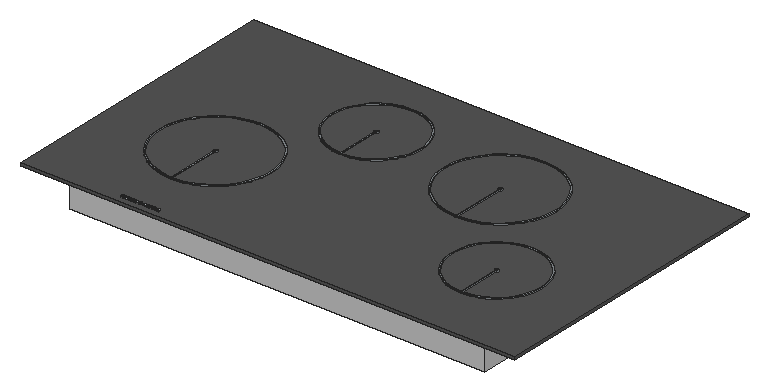
Revit family "FP_Revit_18_CI904CTB1_Cooktop_(Draft_Only)", category Specialty Equipment, Revit 2018
Family settings
  Round Connector Dimension = Use Diameter
  Part Type = Normal
  OmniClass Number = 23.40.40.14.17.11
  OmniClass Title = Cookers, Ovens, Stoves
  Work Plane-Based = No
  Always vertical = Yes
  Cut with Voids When Loaded = Yes
  Shared = No
  Room Calculation Point = No
Parameters
  Visibility - Clearance Required = yes
  URL = "www.fisherpaykel.com"
  Product - Width = 900 mm  # constant formula
  Product - Height = 61 mm  # constant formula
  Product - Depth = 530 mm  # constant formula
  Model = "CI904CTB1"
  Material - Graphics = Fisher & Paykel - Graphics Grey
  Material - Glass = Fisher & Paykel - Glass, Black
  Material - Body = Fisher & Paykel - Grey
  Manufacturer = "Fisher & Paykel Appliances"
  FFL Offset [instance] = 900 mm
  Description = "90cm Induction Cooktop"
  Connector Note - Electrical = "220-240 V, 32 A, 50 Hz,"
  Clearance - Side Combustible = 30 mm  # constant formula
  Clearance - Rear Combustible = 30 mm  # constant formula
  Clearance - Overhead Rangehood = 650 mm  # constant formula
  Clearance - Overhead Non-Combustible = 450 mm  # constant formula
  Clearance - Below = 72 mm  # constant formula
  Chassis - Width = 755 mm  # constant formula
  Chassis - Height = 56 mm  # constant formula
  Chassis - Depth = 485 mm  # constant formula
  Cavity - Width = 760 mm  # constant formula
  Cavity - Height = 72 mm  # constant formula
  Cavity - Depth = 490 mm  # constant formula
Reference planes
  plane 1 "Datum": y = 0
  plane 2: z = 0
  plane 3 "Center (Left/Right)": x = 0
  plane 4 "Product LHS": x = -450
  plane 5 "Product RHS": x = 450
  plane 6 "Product - Depth": y = 530
  plane 7 "Cavity LHS": x = -380
  plane 8 "Cavity RHS": x = 380
  plane 9 "Cavity - Depth": y = 510
  plane 10 "Chassis Front": y = 22.5
  plane 11 "Chassis - Depth": y = 507.5
  plane 12 "Cavity - Front": y = 20
  plane 13 "Benchtop": z = 900
  plane 14 "Glass": z = 905
Forms (mm)
  Extrusion 1, solid, material "Fisher & Paykel - Glass, Black" <- "Material - Glass"
    sketch origin (0, 0, 0) x (0, 1, 0) y (0, 0, 1)
      loop
        line (530, 905) -> (0, 905) -> (0, 901) -> (530, 901) -> (530, 905)
    from -450 to 450
  Extrusion 2, solid, material "Fisher & Paykel - Clearance Required (Cutout)", visible <- "Visibility - Clearance Required", detail levels coarse
    sketch origin (0, 24.768, 0) x (1, 0, 0) y (0, 1, 0)
      loop
        line (-380, 485.232) -> (-380, -4.768) -> (380, -4.768) -> (380, 485.232) -> (-380, 485.232)
    from 828 to 900
  Extrusion 3, solid, material "Fisher & Paykel - Clearance Required (Rangehood)", visible <- "Visibility - Clearance Required", detail levels coarse
    sketch origin (0, 0, 0) x (1, 0, 0) y (0, 1, 0)
      loop
        line (-450, 0) -> (450, 0) -> (450, 540) -> (-450, 540) -> (-450, 0)
    from 1350 to 1550
  Extrusion 4, solid, material "Fisher & Paykel - Grey" <- "Material - Body"
    sketch origin (0, 0, 0) x (0, 1, 0) y (0, 0, 1)
      loop
        line (507.5, 846.5) -> (507.5, 900) -> (22.5, 900) -> (22.5, 846.5) -> (507.5, 846.5)
    from -377.5 to 377.5
  Extrusion 5, solid, material "Fisher & Paykel - Grey" <- "Material - Body"
    sketch origin (-151, 0, 0) x (1, 0, 0) y (0, 1, 0)
      loop
        line (-289, 520.2) -> (-289, 10) -> (591, 10) -> (591, 520.2) -> (-289, 520.2)
    from 900 to 901
  Extrusion 6, solid, material "Fisher & Paykel - Graphics Grey" <- "Material - Graphics", detail levels fine
    sketch origin (0, 0, 0) x (1, 0, 0) y (0, 1, 0)
      loop
        circle (-111.47, 385.838) r 82.262
      loop
        circle (-111.47, 385.838) r 1.976
      loop
        line (-112.302, 382.675) -> (-112.302, 305.432)
        arc (-112.302, 305.432) -> (-111.47, 466.249) -> (-110.636, 305.432) r 80.411
        line (-110.636, 305.432) -> (-110.636, 382.675)
        arc (-110.636, 382.675) -> (-111.47, 389.109) -> (-112.302, 382.675) r 3.271
      loop
        circle (273.067, 179.237) r 82.262
      loop
        circle (273.067, 179.237) r 1.976
      loop
        line (272.235, 176.075) -> (272.235, 98.832)
        arc (272.235, 98.832) -> (273.066, 259.647) -> (273.901, 98.832) r 80.41
        line (273.901, 98.832) -> (273.901, 176.075)
        arc (273.901, 176.075) -> (273.066, 182.508) -> (272.235, 176.075) r 3.27
      loop
        circle (130.288, 365.932) r 1.826
      loop
        circle (130.288, 365.932) r 101.825
      loop
        line (129.558, 362.992) -> (129.558, 266.049)
        arc (129.558, 266.049) -> (130.294, 465.817) -> (131.05, 266.049) r 99.885
        line (131.05, 266.049) -> (131.05, 363.011)
        arc (131.05, 363.011) -> (130.229, 368.967) -> (129.558, 362.992) r 3.03
      loop
        circle (-255.334, 199.998) r 1.826
      loop
        circle (-255.334, 199.998) r 101.825
      loop
        line (-256.064, 197.059) -> (-256.064, 100.116)
        arc (-256.064, 100.116) -> (-255.329, 299.884) -> (-254.572, 100.116) r 99.885
        line (-254.572, 100.116) -> (-254.572, 197.078)
        arc (-254.572, 197.078) -> (-255.394, 203.033) -> (-256.064, 197.059) r 3.03
    from 905 to 906
  Extrusion 7, solid, material "Fisher & Paykel - Grey" <- "Material - Body", detail levels fine
    sketch origin (0, 0, 0) x (1, 0, 0) y (0, 1, 0)
      loop
        circle (0, 491.7) r 4
    from 831 to 844
  Extrusion 8, solid, material "Fisher & Paykel - Grey" <- "Material - Body", detail levels medium+fine
    sketch origin (0, 0, 0) x (0, 1, 0) y (0, 0, 1)
      loop
        line (410, 846.5) -> (410, 844) -> (501.4, 844) -> (501.4, 846.5) -> (410, 846.5)
    from -27 to 27
  Extrusion 9, solid, material "Fisher & Paykel - Clearance Required", visible <- "Visibility - Clearance Required", detail levels coarse
    sketch origin (0, 0, 0) x (1, 0, 0) y (0, 1, 0)
      loop
        line (-450, 0) -> (450, 0) -> (450, 540) -> (-450, 540) -> (-450, 0)
    from 900 to 1350
  Extrusion 10, void
    sketch origin (0, 24.768, 0) x (1, 0, 0) y (0, 1, 0)
      loop
        line (-380, 485.232) -> (-380, -4.768) -> (380, -4.768) -> (380, 485.232) -> (-380, 485.232)
    from 828 to 900
Text (mm)
  text "Due to ongoing product development, product details are subject to change without notice. \nPlease always refer to www.fisherpaykel.com for the most current product information. \n© Fisher & Paykel 2020" at (41.04, -502.478, 0), in view "Ref. Level (Plan)"
Dimensions and locks
  equal spacing: plane 4 "Product LHS", plane 3 "Center (Left/Right)", plane 5 "Product RHS"
  "Product - Width": plane 4 "Product LHS" to plane 5 "Product RHS"
  equal spacing: plane 7 "Cavity LHS", plane 3 "Center (Left/Right)", plane 8 "Cavity RHS"
  "Cavity - Width": plane 7 "Cavity LHS" to plane 8 "Cavity RHS"
  "Product - Depth": Extrusion 1 to plane 1 "Datum"
  equal spacing: Extrusion 4, plane 3 "Center (Left/Right)", Extrusion 4
  "Chassis - Width": Extrusion 4 to Extrusion 4
  equal spacing: Extrusion 5, plane 3 "Center (Left/Right)", Extrusion 5
  locked: plane 14 "Glass" to plane 13 "Benchtop" at 5
  "FFL Offset": plane 13 "Benchtop" to level
  "Clearance - Below": plane 13 "Benchtop" to Extrusion 2
  locked: Extrusion 6 to plane 14 "Glass" at 1
  locked: nested 1 to plane 14 "Glass" at 0.8
  "Clearance - Rear Combustible": Extrusion 3 to plane 9 "Cavity - Depth"
  locked: plane 10 "Chassis Front" to plane 1 "Datum" at 22.5
  locked: plane 10 "Chassis Front" to plane 12 "Cavity - Front" at 2.5
  "Cavity - Depth": plane 9 "Cavity - Depth" to plane 12 "Cavity - Front"
  equal spacing: Extrusion 8, plane 3 "Center (Left/Right)", Extrusion 8
  "Clearance - Overhead Rangehood": Extrusion 3 to plane 13 "Benchtop"
  "Chassis - Height": plane 13 "Benchtop" to Extrusion 8
  locked: Extrusion 4 to plane 13 "Benchtop" at 53.5
  locked: Extrusion 7 to plane 13 "Benchtop" at 69
  locked: Extrusion 1 to plane 13 "Benchtop" at 1
  plane 1 "Datum" to Extrusion 1 = 530 mm
  "Clearance - Overhead Non-Combustible": Extrusion 3 to plane 13 "Benchtop"
  aligned and locked: level to plane 2
  aligned and locked: Extrusion 1 to plane 5 "Product RHS"
  aligned and locked: plane 4 "Product LHS" to Extrusion 1
  aligned and locked: Extrusion 2 to plane 9 "Cavity - Depth"
  aligned and locked: plane 11 "Chassis - Depth" to Extrusion 4
  aligned and locked: Extrusion 4 to Extrusion 5
  aligned and locked: plane 13 "Benchtop" to Extrusion 4
  aligned and locked: Extrusion 2 to Extrusion 4
  aligned and locked: Extrusion 5 to Extrusion 1
  aligned and locked: Extrusion 7 to Extrusion 8
  aligned and locked: Extrusion 8 to Extrusion 4
  aligned and locked: Extrusion 6 to Extrusion 1
  aligned and locked: plane 14 "Glass" to Extrusion 1
  aligned and locked: Extrusion 9 to Extrusion 3  (x2)
  aligned and locked: Extrusion 9 to plane 13 "Benchtop"
  aligned and locked: Extrusion 10 to Extrusion 2  (x2)
  aligned and locked: Extrusion 3 to Extrusion 9  (x2)
  aligned and locked: plane 4 "Product LHS" to Extrusion 3
  aligned and locked: Extrusion 3 to plane 5 "Product RHS"
Automatic sketch dimensions
  Extrusion 1 sketch curve to plane 1 "Datum" = 0 mm
  Extrusion 1 sketch curve to plane 6 "Product - Depth" = 0 mm
  Extrusion 1 sketch curve to plane 14 "Glass" = 0 mm
  plane 13 "Benchtop" to Extrusion 1 sketch curve = 1 mm
  Extrusion 2 sketch curve to plane 12 "Cavity - Front" = 0 mm
  plane 9 "Cavity - Depth" to Extrusion 2 sketch curve = 0 mm
  plane 7 "Cavity LHS" to Extrusion 2 sketch curve = 0 mm
  Extrusion 2 sketch curve to plane 8 "Cavity RHS" = 0 mm
  Extrusion 4 sketch curve to plane 10 "Chassis Front" = 0 mm
  Extrusion 4 sketch curve to plane 11 "Chassis - Depth" = 0 mm
  Extrusion 4 sketch curve to plane 13 "Benchtop" = 0 mm
  Extrusion 4 sketch curve to plane 13 "Benchtop" = 53.5 mm
  Extrusion 6 sketch curve to Extrusion 6 sketch curve = 0 mm  (x19)
  Extrusion 6 sketch curve to plane 7 "Cavity LHS" = 123.936 mm
  Extrusion 6 sketch curve to Extrusion 6 sketch curve = 0.709 mm  (x2)
  Extrusion 6 sketch curve to Extrusion 6 sketch curve = 0.021 mm  (x2)
  Extrusion 6 sketch curve to Extrusion 6 sketch curve = 0.011 mm  (x2)
  Extrusion 6 sketch curve to Extrusion 6 sketch curve = 1.492 mm  (x2)
  Extrusion 6 sketch curve to plane 3 "Center (Left/Right)" = 111.47 mm
  Extrusion 6 sketch curve to Extrusion 6 sketch curve = 0.834 mm
  plane 3 "Center (Left/Right)" to Extrusion 6 sketch curve = 129.558 mm
  plane 8 "Cavity RHS" to Extrusion 6 sketch curve = 107.765 mm
  Extrusion 6 sketch curve to Extrusion 6 sketch curve = 0.832 mm
  Extrusion 6 sketch curve to Extrusion 6 sketch curve = 1.666 mm  (x2)
  plane 10 "Chassis Front" to Extrusion 6 sketch curve = 76.332 mm
  plane 10 "Chassis Front" to Extrusion 6 sketch curve = 77.616 mm
  Extrusion 6 sketch curve to Extrusion 6 sketch curve = 77.243 mm  (x2)
  Extrusion 6 sketch curve to Extrusion 6 sketch curve = 96.943 mm  (x2)
  Extrusion 6 sketch curve to Extrusion 6 sketch curve = 0.019 mm  (x2)
  Extrusion 6 sketch curve to Extrusion 6 sketch curve = 0.006 mm  (x2)
  Extrusion 6 sketch curve to Extrusion 6 sketch curve = 86.811 mm
  Extrusion 6 sketch curve to Extrusion 6 sketch curve = 105.434 mm
  Extrusion 6 sketch curve to Extrusion 6 sketch curve = 3.163 mm
  Extrusion 7 sketch curve to plane 3 "Center (Left/Right)" = 0 mm
  Extrusion 7 sketch curve to plane 11 "Chassis - Depth" = 15.8 mm
  Extrusion 8 sketch curve to plane 11 "Chassis - Depth" = 97.5 mm
  Extrusion 8 sketch curve to plane 11 "Chassis - Depth" = 6.1 mm
  Extrusion 8 sketch curve to plane 13 "Benchtop" = 56 mm
  Extrusion 8 sketch curve to Extrusion 8 sketch curve = 2.5 mm
  plane 1 "Datum" to Extrusion 9 sketch curve = 0 mm
  plane 4 "Product LHS" to Extrusion 9 sketch curve = 0 mm
  Extrusion 9 sketch curve to plane 5 "Product RHS" = 0 mm
  plane 6 "Product - Depth" to Extrusion 9 sketch curve = 10 mm
  Extrusion 10 sketch curve to plane 12 "Cavity - Front" = 0 mm
  plane 9 "Cavity - Depth" to Extrusion 10 sketch curve = 0 mm
  plane 7 "Cavity LHS" to Extrusion 10 sketch curve = 0 mm
  Extrusion 10 sketch curve to plane 8 "Cavity RHS" = 0 mm
  Extrusion 5 sketch curve to plane 4 "Product LHS" = 10 mm
  plane 5 "Product RHS" to Extrusion 5 sketch curve = 10 mm
  Extrusion 5 sketch curve to plane 1 "Datum" = 10 mm
  Extrusion 5 sketch curve to plane 6 "Product - Depth" = 9.8 mm
  plane 1 "Datum" to Extrusion 3 sketch curve = 0 mm
  plane 6 "Product - Depth" to Extrusion 3 sketch curve = 10 mm
  plane 4 "Product LHS" to Extrusion 3 sketch curve = 0 mm
  Extrusion 3 sketch curve to plane 8 "Cavity RHS" = 70 mm
  radius of Extrusion 6 sketch curve = 82.262 mm  (x2)
  radius of Extrusion 6 sketch curve = 1.976 mm  (x2)
  radius of Extrusion 6 sketch curve = 1.826 mm  (x2)
  radius of Extrusion 6 sketch curve = 101.825 mm  (x2)
  radius of Extrusion 7 sketch curve = 4 mm
Nested families
  nested 1: "F&P Logo 70mm Horizontal" at (-244.001, 14.253, 905), type "F&P Logo 70mm Horizontal"
Connectors
  electrical at (0, 491.7, 831), driven by "Connector Note - Electrical"
    settings: on Extrusion 7, index 1, voltage 230 V, apparent load 0 VA, apparent load phase1 0 VA, apparent load phase2 0 VA, apparent load phase3 0 VA, power factor 1, load classification "Other", number of poles 1, system type 30, power factor state 1, is connector primary yes, connector utility no, sub classification motor no, connector description "220-240 V, 32 A, 50 Hz,"
Definition of nested family "F&P Logo 70mm Horizontal"
  Parameters (values of type "F&P Logo 70mm Horizontal")
    URL = "www.fisherpaykel.com"
    Material - Logo = none
    Manufacturer = "Fisher & Paykel Appliances"
  Reference planes
    plane 1 "Center (Front/Back)": y = 0
    plane 2: z = 0
    plane 3 "Center (Left/Right)": x = 0
  Forms (mm)
    Extrusion 1, solid, material <- "Material - Logo", detail levels fine
      sketch origin (0, 0, 0) x (1, 0, 0) y (0, 1, 0)
        loop
          line (-34.997, -0.356) -> (-33.895, -0.356) -> (-33.895, 1.141) -> (-32.174, 1.141) -> (-32.174, 2.075) -> (-33.895, 2.075) -> (-33.895, 2.943) -> (-32.023, 2.943) -> (-32.023, 3.872) -> (-34.997, 3.872) -> (-34.997, -0.356)
        loop
          line (-29.929, 3.872) -> (-29.929, -0.356) -> (-28.828, -0.356) -> (-28.828, 3.872) -> (-29.929, 3.872)
        loop
          line (-21.473, 3.872) -> (-21.473, -0.356) -> (-20.372, -0.356) -> (-20.372, 1.338) -> (-18.754, 1.338) -> (-18.754, -0.356) -> (-17.652, -0.356) -> (-17.652, 3.872) -> (-18.754, 3.872) -> (-18.754, 2.268) -> (-20.372, 2.268) -> (-20.372, 3.872) -> (-21.473, 3.872)
        loop
          line (-15.301, 3.872) -> (-15.301, -0.356) -> (-12.288, -0.356) -> (-12.288, 0.444) -> (-14.209, 0.444) -> (-14.209, 1.338) -> (-12.453, 1.338) -> (-12.453, 2.268) -> (-14.209, 2.268) -> (-14.209, 3.072) -> (-12.288, 3.072) -> (-12.288, 3.872) -> (-15.301, 3.872)
        loop
          line (32, 3.872) -> (32, -0.356) -> (35.003, -0.356) -> (35.003, 0.574) -> (33.102, 0.574) -> (33.102, 3.872) -> (32, 3.872)
        loop
          line (29.735, 3.872) -> (26.712, 3.872) -> (26.712, -0.356) -> (29.735, -0.356) -> (29.735, 0.444) -> (27.814, 0.444) -> (27.814, 1.338) -> (29.57, 1.338) -> (29.57, 2.268) -> (27.814, 2.268) -> (27.814, 3.072) -> (29.735, 3.072) -> (29.735, 3.872)
        loop
          line (23.449, 1.848) -> (25.012, 3.872) -> (23.724, 3.872) -> (22.374, 2.124) -> (22.374, 3.872) -> (21.273, 3.872) -> (21.273, -0.356) -> (22.374, -0.356) -> (22.374, 1.538) -> (23.765, -0.356) -> (25.067, -0.356) -> (23.449, 1.848)
        loop
          line (15.42, 3.872) -> (17.017, 1.338) -> (17.017, -0.356) -> (18.119, -0.356) -> (18.119, 1.283) -> (19.717, 3.872) -> (18.546, 3.872) -> (17.603, 2.239) -> (16.66, 3.872) -> (15.42, 3.872)
        loop
          line (12.969, 3.872) -> (11.922, 3.872) -> (10.2, -0.356) -> (11.282, -0.356) -> (11.585, 0.422) -> (13.278, 0.422) -> (13.581, -0.356) -> (14.69, -0.356) -> (12.969, 3.872)
        loop
          line (12.913, 1.352) -> (12.419, 2.566) -> (11.946, 1.352) -> (12.913, 1.352)
        loop
          line (5.556, 3.872) -> (5.556, -0.356) -> (6.653, -0.356) -> (6.653, 1.001) -> (7.453, 1.001)
          spline (7.453, 1.001) -> (7.884, 1.05) -> (8.285, 1.193) -> (8.63, 1.421) -> (8.895, 1.719) -> (9.061, 2.065) -> (9.118, 2.436) -> (9.061, 2.808) -> (8.895, 3.154) -> (8.63, 3.452) -> (8.285, 3.68) -> (7.884, 3.823) -> (7.453, 3.872)
          line (7.453, 3.872) -> (5.556, 3.872)
        loop
          spline (7.385, 1.882) -> (7.558, 1.9) -> (7.72, 1.953) -> (7.858, 2.037) -> (7.965, 2.147) -> (8.032, 2.275) -> (8.055, 2.412) -> (8.032, 2.55) -> (7.965, 2.677) -> (7.858, 2.787) -> (7.72, 2.872) -> (7.558, 2.924) -> (7.385, 2.943)
          line (7.385, 2.943) -> (6.585, 2.943) -> (6.585, 1.882) -> (7.385, 1.882)
        loop
          line (-8.294, 2.943) -> (-9.094, 2.943) -> (-9.094, 1.781) -> (-8.294, 1.781)
          spline (-8.294, 1.781) -> (-8.121, 1.801) -> (-7.96, 1.859) -> (-7.822, 1.951) -> (-7.716, 2.072) -> (-7.649, 2.212) -> (-7.626, 2.362) -> (-7.649, 2.512) -> (-7.716, 2.652) -> (-7.822, 2.772) -> (-7.96, 2.865) -> (-8.121, 2.923) -> (-8.294, 2.943)
        loop
          line (-8.214, 3.872) -> (-10.262, 3.872) -> (-10.262, -0.356) -> (-9.094, -0.356) -> (-9.094, 0.492) -> (-8.294, 0.492) -> (-7.647, -0.356) -> (-6.373, -0.356) -> (-7.445, 1.016)
          spline (-7.445, 1.016) -> (-7.148, 1.205) -> (-6.902, 1.45) -> (-6.72, 1.739) -> (-6.611, 2.058) -> (-6.58, 2.391) -> (-6.628, 2.723) -> (-6.754, 3.037) -> (-6.95, 3.317) -> (-7.208, 3.551) -> (-7.515, 3.726) -> (-7.856, 3.835) -> (-8.214, 3.872)
        loop
          line (0.368, 2.943) -> (0.368, 3.951) -> (-2.559, 3.951) -> (-2.559, 3.151) -> (-2.048, 2.522)
          spline (-2.048, 2.522) -> (-2.373, 2.187) -> (-2.606, 1.789) -> (-2.731, 1.355) -> (-2.74, 0.914) -> (-2.632, 0.497) -> (-2.414, 0.133) -> (-2.102, -0.155) -> (-1.716, -0.347) -> (-1.283, -0.429) -> (-0.832, -0.395) -> (-0.395, -0.249) -> (0, 0)
          line (0, 0) -> (0.504, -0.621) -> (1.644, -0.621) -> (0.602, 0.712) -> (1.591, 2.137) -> (0.459, 2.137) -> (0.003, 1.48) -> (-1.14, 2.943) -> (0.368, 2.943)
        loop
          spline (-1.353, 1.874) -> (-1.563, 1.673) -> (-1.729, 1.449) -> (-1.839, 1.217) -> (-1.886, 0.992) -> (-1.867, 0.792) -> (-1.783, 0.627) -> (-1.639, 0.511) -> (-1.447, 0.451) -> (-1.218, 0.451) -> (-0.968, 0.512) -> (-0.714, 0.628) -> (-0.475, 0.792)
          line (-0.475, 0.792) -> (-1.353, 1.874)
        loop
          arc (-25.449, 3.004) -> (-24.591, 2.949) -> (-23.808, 2.592) r 2.379
          line (-23.808, 2.592) -> (-23.808, 3.586)
          arc (-23.808, 3.586) -> (-24.619, 3.915) -> (-25.494, 3.936) r 2.437
          arc (-25.494, 3.936) -> (-26.617, 2.99) -> (-26.18, 1.588) r 1.327
          arc (-26.18, 1.588) -> (-25.746, 1.367) -> (-25.276, 1.236) r 2.46
          spline (-25.276, 1.236) -> (-25.124, 1.211) -> (-24.98, 1.158) -> (-24.856, 1.083) -> (-24.761, 0.989) -> (-24.703, 0.886) -> (-24.686, 0.78) -> (-24.713, 0.681) -> (-24.78, 0.596) -> (-24.882, 0.532) -> (-25.011, 0.494) -> (-25.158, 0.485) -> (-25.311, 0.505)
          arc (-25.311, 0.505) -> (-26.045, 0.647) -> (-26.714, 0.98) r 2.761
          line (-26.714, 0.98) -> (-26.714, -0.067)
          arc (-26.714, -0.067) -> (-25.66, -0.377) -> (-24.564, -0.318) r 3.237
          arc (-24.564, -0.318) -> (-23.597, 0.72) -> (-24.205, 2.002) r 1.263
          arc (-24.205, 2.002) -> (-24.834, 2.249) -> (-25.488, 2.42) r 5.78
          spline (-25.488, 2.42) -> (-25.537, 2.449) -> (-25.58, 2.49) -> (-25.615, 2.541) -> (-25.639, 2.6) -> (-25.653, 2.664) -> (-25.654, 2.73) -> (-25.644, 2.795) -> (-25.622, 2.856) -> (-25.59, 2.909) -> (-25.549, 2.953) -> (-25.502, 2.985) -> (-25.449, 3.004)
      from 0 to 0.8
  Dimensions and locks
    Extrusion 1 sketch curve to Extrusion 1 sketch curve = 70 mm
    aligned and locked: level to plane 2
